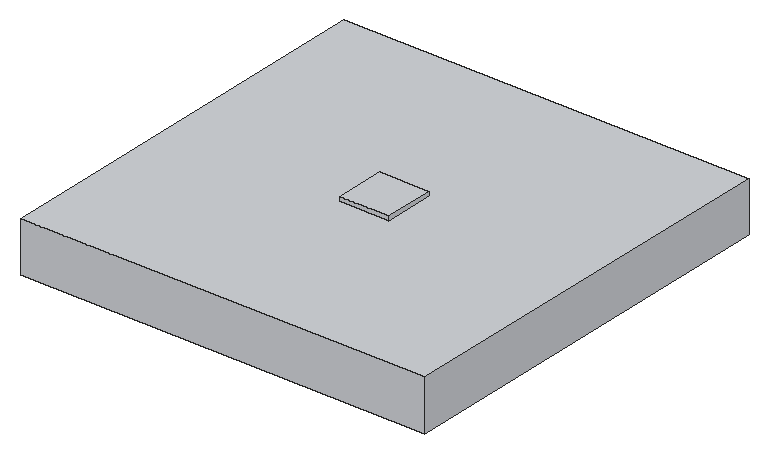
Revit family "M_Conector de duto retangular - Ar de retorno - Terminal de ar", category Terminais de ar, Revit 2019
Family settings
  Hospedeiro = Face
  Cota do conector redondo = Utilizar diâmetro
  Tipo de parte = Normal
  Número OmniClass = 23.75.70.21.27
  Título OmniClass = Air Outlets and Inlets
  ID de item do Seek = Rectangular Duct Connector - Return Air - Air Terminal-0000-CAN-ENU
  Corte com vazios quando carregada = Não
  Compartilhado = Não
  Ponto de cálculo do ambiente = Não
Parameters (values of type "Padrão")
  Largura = 300 mm
  SetaAcimaVisível [instance] = yes
  Espessura = 25 mm
  SetaDireitaVisível [instance] = yes
  SetaEsquerdaVisível [instance] = yes
  Altura = 300 mm
  Fluxo [instance] = 47.19 L/s
  Default Elevation = 0 mm
  SetaInferiorVisível [instance] = yes
  Assembly Code = ""
  Deslocamento da seta = 355.6 mm
Reference planes
  plane 1 "Centro (Frente/Trás)": y = 0
  plane 2: z = 0
  plane 3 "Centro (Esquerda/Direita)": x = 0
Forms (mm)
  Extrusion 1, solid
    sketch origin (0, 0, 0) x (1, 0, 0) y (0, 1, 0)
      loop
        line (-1219.2, 1219.2) -> (-1219.2, -1219.2) -> (1219.2, -1219.2) -> (1219.2, 1219.2) -> (-1219.2, 1219.2)
    from 0 to -304.8
  Sweep 2, solid
    path in 3D
      loop
        line (0, 0, 0) -> (0, 0, 25)
    profile "M_Duto - Retangular : Duto - Retangular" origin (0, 0, 12.5) x (0, -1, 0) y (1, 0, 0)
      loop
        line (-150, 150) -> (-150, -150) -> (150, -150) -> (150, 150) -> (-150, 150)
Lines and regions (mm)
  reference lines
    curve 1: line (0, 0, 0) -> (0, 0, 25)
  sketch lines
    curve 2: line (0, 0, 0) -> (0, 0, 25)
Dimensions and locks
  "Espessura": curve 1 to curve 1
  "Deslocamento da seta": nested 1 to plane 3 "Centro (Esquerda/Direita)"
  "Deslocamento da seta": plane 1 "Centro (Frente/Trás)" to nested 2
  "Deslocamento da seta": plane 3 "Centro (Esquerda/Direita)" to nested 3
  "Deslocamento da seta": plane 1 "Centro (Frente/Trás)" to nested 4
  aligned and locked: plane 2 to Extrusion 1
  aligned and locked: level to Extrusion 1
  aligned and locked: Extrusion 1 to curve 1
  aligned and locked: curve 1 to plane 1 "Centro (Frente/Trás)"
  aligned and locked: plane 1 "Centro (Frente/Trás)" to nested 1
  aligned and locked: nested 3 to plane 1 "Centro (Frente/Trás)"
  aligned and locked: plane 3 "Centro (Esquerda/Direita)" to nested 2
  aligned and locked: nested 4 to plane 3 "Centro (Esquerda/Direita)"
Automatic sketch dimensions
  Extrusion 1 sketch curve to Extrusion 1 sketch curve = 2438.4 mm  (x2)
Nested families
  nested 1: "M_Seta terminal do duto_Reverso" at (-355.6, 0, 0), visible <- "SetaEsquerdaVisível", type "Seta do terminal do duto_Reverso"
  nested 2: "M_Seta terminal do duto_Reverso" at (0, -355.6, 0) x (0, 1, 0) z (0, 0, 1), visible <- "SetaInferiorVisível", type "Seta do terminal do duto_Reverso"
  nested 3: "M_Seta terminal do duto_Reverso" at (355.6, 0, 0) x (-1, 0, 0) z (0, 0, 1), visible <- "SetaDireitaVisível", type "Seta do terminal do duto_Reverso"
  nested 4: "M_Seta terminal do duto_Reverso" at (0, 355.6, 0) x (0, -1, 0) z (0, 0, 1), visible <- "SetaAcimaVisível", type "Seta do terminal do duto_Reverso"
Connectors
  hvac at (0, 0, 25), driven by "Altura", driven by "Largura", driven by "Fluxo"
    settings: on Sweep 2, index 1, duct flow 47.19 L/s, flow factor 0, pres drop 0.0 Pa, loss coef 0, conn angle 0.00°, conn width 300 mm, conn height 300 mm, conn diameter 609.6 mm, duct sys type 2, conn prof type 1, flow config 1, flow direction 2, loss method 0, conn ref index -1, conn util no, is conn primary yes, conn desc ""
Definition of nested family "M_Seta terminal do duto_Reverso"
  Reference planes
    plane 1: y = 0
    plane 2: x = 0
  Lines and regions (mm)
    Filled region 1, type "Preto sólido"
      outline origin (-25.4, 0, 0) x (1, 0, 0) y (0, 1, 0)
        loop
          line (25.4, 0) -> (22.225, 1.156) -> (22.225, -1.156) -> (25.4, 0)
    detail lines
      curve 1: line (-6.35, 0, 0) -> (0, 0, 0)
